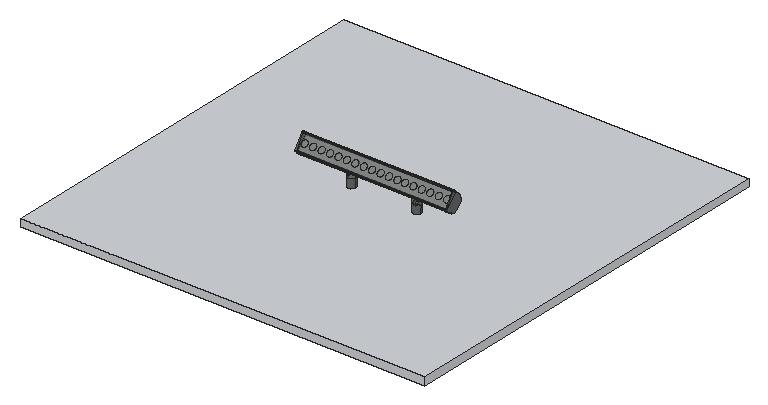
Revit family "INT-3-K", category Lighting Fixtures, host Face, Revit 2014
Parameters (values of type "INT")
  zz Angle = if(Angle Tilt < 0.5°, 0.5°, if(Angle Tilt > 89.5°, 89.5°, Angle Tilt))  # 45°
  Wings = Paint - Hubbell - Light Silver
  Width = 3.875"
  Watts = 15 W
  Wattage Comments = "15W"
  Warranty = "5 years Warranty"  # constant formula
  Voltage = 120 V
  URL = "https://www.hubbell.com/kimlighting/en/"
  Reflector Finish = Hubbell - White Glass
  Product White URL = "https://www.hubbell.com/kimlighting/en/p/6139252"
  Product RGWB URL = "https://www.hubbell.com/kimlighting/en/p/6139254"
  Product Family URL = "https://www.hubbell.com/kimlighting/en/p/6139241"
  Power Factor = 1
  Mounting = Paint - Hubbell - Light Silver
  Model = "INT-3-K"  # constant formula
  Manufacturer = "Kim Lighting"  # constant formula
  Load Classification = Lighting
  Length = 24.000"
  Lamp = "LED"  # constant formula
  Housing Material = Paint - Hubbell - Basic Black Textured
  Glass = Hubbell - Glass
  Fixture distribution = "Direct"  # constant formula
  Height = 4.000"
  Features = "Architectural linear product for wall and ground mounting\r\napplications such as sign lighting, wall washing, wall grazing, and\r\nbuilding accent lighting\r\n• IP66 rated product with linear run capabilities\r\n• Lumen range from 657 to 3,271 lm"  # constant formula
  Description = "Intent"  # constant formula
  Default Elevation = 48.000"
  Copyright = " ©2020 Kim Lighting, a division of Hubbell Lighting, Inc"  # constant formula
  Contact = "https://www.hubbell.com/kimlighting/en/contactUs"
  Connector Description = "Lighting Connector"  # constant formula
  Assembly Code = "D5020200"
  Apparent Load = Watts / Power Factor  # 15 VA
  Angle Tilt = 45°
Reference planes (in)
  plane 1 "Center (Front/Back)": y = 0
  plane 2: z = 0.5561
  plane 3 "Center (Left/Right)": x = 0
  plane 4: z = -5.92028
  plane 5: z = 4.5561
  plane 6: y = 2.5249
  plane 7: y = -2.5249
  plane 8: y = -1.9375
  plane 9: y = 1.9375
  plane 10: z = 16.60335
  plane 11: x = -2.9
  plane 12: x = 2.9
  plane 13: z = 1.3061
  plane 14: z = 3.5561
  plane 15: x = 18
  plane 16: x = -18
  plane 17: x = 8.7
  plane 18: x = -8.7
Forms (in)
  Extrusion 1, solid
    sketch origin (0, 0, 0) x (1, 0, 0) y (0, 1, 0)
      loop
        line (-48, 48) -> (-48, -48) -> (48, -48) -> (48, 48) -> (-48, 48)
    from 0.5561 to -1.25
  Extrusion 2, solid, material "Paint - Hubbell - Basic Black Textured" <- "Housing Material"
    sketch origin (3.45004, -0.03381, -5.69519) x (0, 1, 0) y (0, 0, -1)
      loop
        arc (0.44524, -9.06222) -> (0.47434, -8.87244) -> (0.55897, -8.70011) r 0.63334
        arc (0.55897, -8.70011) -> (0.09086, -7.77213) -> (-0.42804, -8.67269) r 0.59055
        arc (-0.42804, -8.67269) -> (-0.34364, -8.86433) -> (-0.31478, -9.07172) r 0.75958
        line (-0.31478, -9.07172) -> (-0.31478, -9.93202)
        arc (-0.31478, -9.93202) -> (-0.20348, -10.20073) -> (0.06523, -10.31203) r 0.38001
        arc (0.06523, -10.31203) -> (0.33393, -10.20073) -> (0.44524, -9.93202) r 0.38001
        line (0.44524, -9.93202) -> (0.44524, -9.06222)
    from -5.03419 to -4.31431
  Revolve 3, solid, material "Paint - Hubbell - Basic Black Textured" <- "Housing Material"
    sketch origin (19.47362, 0, -1.94519) x (-1, 0, 0) y (0, 0, 1)
      loop
        line (11.70927, 5.09421) -> (11.70927, 2.50286) -> (11.70927, 2.01234) -> (12.16449, 2.01234)
        arc (12.16449, 2.01234) -> (12.19188, 2.03974) -> (12.16449, 2.06713) r 0.0274
        arc (12.16449, 2.06713) -> (12.19188, 2.09453) -> (12.16449, 2.12192) r 0.0274
        arc (12.16449, 2.12192) -> (12.19188, 2.14932) -> (12.16449, 2.17672) r 0.0274
        arc (12.16449, 2.17672) -> (12.19188, 2.20411) -> (12.16449, 2.23151) r 0.0274
        arc (12.16449, 2.23151) -> (12.19188, 2.2589) -> (12.16449, 2.2863) r 0.0274
        arc (12.16449, 2.2863) -> (12.19188, 2.3137) -> (12.16449, 2.34109) r 0.0274
        arc (12.16449, 2.34109) -> (12.19114, 2.37481) -> (12.15218, 2.39296) r 0.0274
        line (12.15218, 2.39296) -> (12.15218, 2.50286) -> (12.68898, 2.50286) -> (12.68898, 4.70051)
        arc (12.68898, 4.70051) -> (12.57366, 4.9789) -> (12.29528, 5.09421) r 0.3937
        line (12.29528, 5.09421) -> (11.70927, 5.09421)
      axis (11.70927, 2.01234) -> (11.70927, 5.09421)
    angle from 0 to 360
  Extrusion 4, void
    sketch origin (19.47362, 0, -1.94519) x (0, 1, 0) y (0, 0, -1)
      loop
        line (1.93491, -5.21791) -> (1.93491, -4.3346) -> (0.57955, -4.3346)
        arc (0.57955, -4.3346) -> (0.05845, -4.02191) -> (-0.46265, -4.3346) r 0.59055
        line (-0.46265, -4.3346) -> (-1.93491, -4.3346) -> (-1.93491, -5.21791) -> (1.93491, -5.21791)
    from 10.37821 to 11.70927
  Extrusion 5, solid, material "Paint - Hubbell - Basic Black Textured" <- "Housing Material"
    sketch origin (-3.45004, -0.03381, -5.69519) x (0, 1, 0) y (0, 0, 1)
      loop
        line (0.44524, 9.06222) -> (0.44524, 9.93202)
        arc (0.44524, 9.93202) -> (0.33393, 10.20073) -> (0.06523, 10.31203) r 0.38001
        arc (0.06523, 10.31203) -> (-0.20348, 10.20073) -> (-0.31478, 9.93202) r 0.38001
        line (-0.31478, 9.93202) -> (-0.31478, 9.07172)
        arc (-0.31478, 9.07172) -> (-0.34364, 8.86433) -> (-0.42804, 8.67269) r 0.75958
        arc (-0.42804, 8.67269) -> (0.09086, 7.77213) -> (0.55897, 8.70011) r 0.59055
        arc (0.55897, 8.70011) -> (0.47434, 8.87244) -> (0.44524, 9.06222) r 0.63334
    from -5.03419 to -4.31431
  Revolve 6, solid, material "Paint - Hubbell - Basic Black Textured" <- "Housing Material"
    sketch origin (-19.47362, 0, -1.94519) x (1, 0, 0) y (0, 0, 1)
      loop
        line (11.70927, 5.09421) -> (11.70927, 2.50286) -> (11.70927, 2.01234) -> (12.16449, 2.01234)
        arc (12.16449, 2.01234) -> (12.19188, 2.03974) -> (12.16449, 2.06713) r 0.0274
        arc (12.16449, 2.06713) -> (12.19188, 2.09453) -> (12.16449, 2.12192) r 0.0274
        arc (12.16449, 2.12192) -> (12.19188, 2.14932) -> (12.16449, 2.17672) r 0.0274
        arc (12.16449, 2.17672) -> (12.19188, 2.20411) -> (12.16449, 2.23151) r 0.0274
        arc (12.16449, 2.23151) -> (12.19188, 2.2589) -> (12.16449, 2.2863) r 0.0274
        arc (12.16449, 2.2863) -> (12.19188, 2.3137) -> (12.16449, 2.34109) r 0.0274
        arc (12.16449, 2.34109) -> (12.19114, 2.37481) -> (12.15218, 2.39296) r 0.0274
        line (12.15218, 2.39296) -> (12.15218, 2.50286) -> (12.68898, 2.50286) -> (12.68898, 4.70051)
        arc (12.68898, 4.70051) -> (12.57366, 4.9789) -> (12.29528, 5.09421) r 0.3937
        line (12.29528, 5.09421) -> (11.70927, 5.09421)
      axis (11.70927, 2.01234) -> (11.70927, 5.09421)
    angle from 0 to 360
  Extrusion 7, void
    sketch origin (-19.47362, 0, -1.94519) x (0, 1, 0) y (0, 0, 1)
      loop
        line (1.93491, 5.21791) -> (-1.93491, 5.21791) -> (-1.93491, 4.3346) -> (-0.46265, 4.3346)
        arc (-0.46265, 4.3346) -> (0.05845, 4.02191) -> (0.57955, 4.3346) r 0.59055
        line (0.57955, 4.3346) -> (1.93491, 4.3346) -> (1.93491, 5.21791)
    from 10.37821 to 11.70927
Cuts and joins
  Extrusion 4, Extrusion 7 cuts Revolve 3
  Extrusion 7 cuts Extrusion 2
  Extrusion 7 cuts Revolve 6
Dimensions and locks (in)
  plane 2 to plane 4 = 6.47638"
  "Height": plane 5 to Extrusion 1
  equal spacing: plane 7, plane 1 "Center (Front/Back)", plane 6
  plane 7 to plane 6 = 5.0498"
  "Width": plane 9 to plane 8
  equal spacing: plane 9, plane 1 "Center (Front/Back)", plane 8
  plane 6 to plane 7 = 5.0498"
  locked: plane 5 to plane 14 at 1
  "zz Angle": angle plane 5 to nested 1
  aligned and locked: plane 2 to Extrusion 1
  aligned and locked: nested 1 to plane 5
Automatic sketch dimensions
  Extrusion 1 sketch curve to Extrusion 1 sketch curve = 96.000"  (x2)
  Extrusion 2 sketch curve to Extrusion 2 sketch curve = 0.000"  (x3)
  Extrusion 2 sketch curve to plane 14 = 0.17957"
  Extrusion 2 sketch curve to plane 8 = 0.82933"
  plane 1 "Center (Front/Back)" to Extrusion 2 sketch curve = 0.34859"
  Extrusion 2 sketch curve to plane 1 "Center (Front/Back)" = 0.03142"
  Extrusion 2 sketch curve to plane 1 "Center (Front/Back)" = 0.04066"
  Extrusion 2 sketch curve to plane 14 = 0.18908"
  Extrusion 2 sketch curve to Extrusion 2 sketch curve = 0.63334"
  plane 5 to Extrusion 2 sketch curve = 0.31927"
  Extrusion 2 sketch curve to Extrusion 2 sketch curve = 0.69976"
  plane 14 to Revolve 3 sketch curve = 0.40709"
  plane 17 to Revolve 3 sketch curve = 0.93565"
  plane 2 to Revolve 3 sketch curve = 0.10833"
  Revolve 3 sketch curve to Revolve 3 sketch curve = 0.44291"
  Revolve 3 sketch curve to level = 0.06715"
  Revolve 3 sketch curve to Revolve 3 sketch curve = 0.0123"
  Revolve 3 sketch curve to Revolve 3 sketch curve = 0.000"  (x12)
  Revolve 3 sketch curve to Revolve 3 sketch curve = 0.586"
  Revolve 3 sketch curve to Revolve 3 sketch curve = 0.3937"
  Revolve 3 sketch curve to Revolve 3 sketch curve = 0.0274"  (x2)
  Revolve 3 sketch curve to Revolve 3 sketch curve = 0.05479"  (x4)
  Revolve 3 sketch curve to Revolve 3 sketch curve = 0.02448"
  Revolve 3 sketch curve to plane 2 = 0.00156"  (x2)
  level to Revolve 3 sketch curve = 0.06438"
  Revolve 3 sketch curve to Revolve 3 sketch curve = 0.42188"
  Extrusion 4 sketch curve to plane 8 = 0.00259"
  plane 1 "Center (Front/Back)" to Extrusion 4 sketch curve = 0.46265"
  Extrusion 4 sketch curve to plane 1 "Center (Front/Back)" = 0.05845"
  Extrusion 4 sketch curve to plane 1 "Center (Front/Back)" = 0.57955"
  plane 9 to Extrusion 4 sketch curve = 0.00259"
  Extrusion 4 sketch curve to plane 14 = 0.28339"
  Extrusion 4 sketch curve to plane 14 = 0.88884"
  Extrusion 4 sketch curve to Extrusion 4 sketch curve = 0.88331"
  Extrusion 5 sketch curve to Extrusion 5 sketch curve = 0.000"  (x3)
  Extrusion 5 sketch curve to plane 14 = 0.17957"
  Extrusion 5 sketch curve to plane 8 = 0.82933"
  plane 1 "Center (Front/Back)" to Extrusion 5 sketch curve = 0.34859"
  Extrusion 5 sketch curve to plane 1 "Center (Front/Back)" = 0.03142"
  Extrusion 5 sketch curve to plane 1 "Center (Front/Back)" = 0.04066"
  Extrusion 5 sketch curve to plane 14 = 0.18908"
  Extrusion 5 sketch curve to Extrusion 5 sketch curve = 0.63334"
  Extrusion 5 sketch curve to Extrusion 5 sketch curve = 0.69976"
  plane 5 to Extrusion 5 sketch curve = 0.31927"
  Revolve 6 sketch curve to plane 14 = 0.40709"
  plane 18 to Revolve 6 sketch curve = 0.93565"
  Revolve 6 sketch curve to plane 2 = 0.10833"
  Revolve 6 sketch curve to Revolve 6 sketch curve = 0.44291"
  level to Revolve 6 sketch curve = 0.06715"
  Revolve 6 sketch curve to Revolve 6 sketch curve = 0.0123"
  Revolve 6 sketch curve to Revolve 6 sketch curve = 0.000"  (x12)
  Revolve 6 sketch curve to Revolve 6 sketch curve = 0.586"
  Revolve 6 sketch curve to Revolve 6 sketch curve = 0.3937"
  Revolve 6 sketch curve to Revolve 6 sketch curve = 0.0274"  (x2)
  Revolve 6 sketch curve to Revolve 6 sketch curve = 0.05479"  (x4)
  Revolve 6 sketch curve to Revolve 6 sketch curve = 0.02448"
  plane 2 to Revolve 6 sketch curve = 0.00156"  (x2)
  Revolve 6 sketch curve to level = 0.06438"
  Revolve 6 sketch curve to Revolve 6 sketch curve = 0.42188"
  Extrusion 7 sketch curve to plane 8 = 0.00259"
  plane 1 "Center (Front/Back)" to Extrusion 7 sketch curve = 0.46265"
  Extrusion 7 sketch curve to plane 1 "Center (Front/Back)" = 0.05845"
  Extrusion 7 sketch curve to plane 1 "Center (Front/Back)" = 0.57955"
  plane 9 to Extrusion 7 sketch curve = 0.00259"
  Extrusion 7 sketch curve to plane 13 = 1.0833"
  Extrusion 7 sketch curve to Extrusion 7 sketch curve = 0.27786"
  Extrusion 7 sketch curve to plane 14 = 0.28339"
Nested families (in)
  nested 1: "Family2" at (1.10236, 0.3203, 4.5561) x (0, -0.7071, 0.7071) z (-1, 0, 0), type "Family2"
Connectors (in)
  electrical at (7.76435, 0, 0.55766), driven by "Voltage", driven by "Apparent Load", driven by "Power Factor", driven by "Connector Description"
    settings: on cut or joined group of Revolve 3, Extrusion 4, Extrusion 7, index 1, voltage 120 V, apparent load 15 VA, apparent load phase1 0 VA, apparent load phase2 0 VA, apparent load phase3 0 VA, power factor 1, load classification "Other", number of poles 1, system type 30, power factor state 1, is connector primary yes, connector utility no, sub classification motor no, connector description "Lighting Connector"
Definition of nested family "Family2"
  Parameters (values of type "Family2")
    Wattage = 25 W
    built-in parameter 1150110 = 1 (stored number, unit not read)
    built-in parameter 1114217 = 1 (stored number, unit not read)
    Tilt Angle = 60°
    built-in parameter 1150109 = 1 (stored number, unit not read)
    built-in parameter 1150134 = 3
    built-in parameter 1150113 = 1 (stored number, unit not read)
    Photometric Web File = "INT-2-24L-30-3K7-WG.ies"
    built-in parameter 1150105 = 295.51 (stored number, unit not read)
    Lumens = 3713.55 lm
    built-in parameter 1150115 = 1 (stored number, unit not read)
    built-in parameter 1150137 = (empty or 0)
    built-in parameter 1150139 = (empty or 0)
    built-in parameter 1150112 = 1 (stored number, unit not read)
    built-in parameter 1150114 = 1 (stored number, unit not read)
    built-in parameter 1150132 = (empty or 0)
    built-in parameter 1150102 = (empty or 0)
    built-in parameter 1150107 = 3200 (stored number, unit not read)
    built-in parameter 1150138 = (empty or 0)
    built-in parameter 1150106 = 2.9551 (stored number, unit not read)
    Housing = Paint - Hubbell - Basic Black Textured
    Glass = Hubbell - Glass
    built-in parameter 1150104 = 13.8 (stored number, unit not read)
    Dimming Lamp Color Temperature Shift = (empty or 0)
    Default Elevation = 48.000"
    Color Filter = 16777215
    built-in parameter 1114218 = 1 (stored number, unit not read)
    built-in parameter 1150133 = 10 (stored number, unit not read)
  Reference planes (in)
    plane 1 "Center (Front/Back)": y = 0
    plane 2: z = 0
    plane 3 "Center (Left/Right)": x = 0
    plane 4: z = 19.1
    plane 5: z = -16.9
  Forms (in)
    Extrusion 1, solid
      sketch origin (0, 0, 0) x (1, 0, 0) y (0, 1, 0)
        loop
          line (-48, 48) -> (-48, -48) -> (48, -48) -> (48, 48) -> (-48, 48)
      from 0 to -12
    Extrusion 2, solid, material "Paint - Hubbell - Basic Black Textured" <- "Housing"
      sketch origin (-11.61927, -0.13326, 1.10236) x (0.008677, -0.999962, 0) y (0.999962, 0.008677, 0)
        loop
          line (-1.9375, 16.60335) -> (-1.9375, 14.58076)
          arc (-1.9375, 14.58076) -> (0.00667, 12.63658) -> (1.95085, 14.58076) r 1.94417
          line (1.95085, 14.58076) -> (1.95085, 14.78758)
          arc (1.95085, 14.78758) -> (1.89614, 14.83995) -> (1.95085, 14.89233) r 0.05243
          line (1.95085, 14.89233) -> (1.95085, 14.94535)
          arc (1.95085, 14.94535) -> (1.89751, 14.99776) -> (1.95085, 15.05018) r 0.05243
          line (1.95085, 15.05018) -> (1.95085, 15.10316)
          arc (1.95085, 15.10316) -> (1.89888, 15.15558) -> (1.95085, 15.208) r 0.05243
          line (1.95085, 15.208) -> (1.95085, 15.65069) -> (1.73341, 15.70895) -> (1.73341, 15.52932) -> (-1.73341, 15.52932) -> (-1.73341, 16.56736) -> (-1.9375, 16.60335)
      from -18.00236 to 17.99764
    Extrusion 3, solid, material "Paint - Hubbell - Basic Black Textured" <- "Housing"
      sketch origin (-11.61927, -0.13326, 1.10236) x (0.008677, -0.999962, 0) y (0.999962, 0.008677, 0)
        loop
          line (-1.9375, 16.60335) -> (-1.9375, 14.58076)
          arc (-1.9375, 14.58076) -> (0.00667, 12.63658) -> (1.95085, 14.58076) r 1.94417
          line (1.95085, 14.58076) -> (1.95085, 14.78758)
          arc (1.95085, 14.78758) -> (1.89614, 14.83955) -> (1.95005, 14.89236) r 0.05243
          line (1.95005, 14.89236) -> (1.95051, 14.94534)
          arc (1.95051, 14.94534) -> (1.89751, 14.99793) -> (1.95085, 15.05018) r 0.05243
          line (1.95085, 15.05018) -> (1.95085, 15.10316)
          arc (1.95085, 15.10316) -> (1.89888, 15.15558) -> (1.95085, 15.208) r 0.05243
          line (1.95085, 15.208) -> (1.95085, 15.65069) -> (-1.9375, 16.60335)
      from 17.73107 to 17.99764
    Extrusion 4, solid, material "Paint - Hubbell - Basic Black Textured" <- "Housing"
      sketch origin (-11.61927, -0.13326, 1.10236) x (-0.999962, -0.008677, 0) y (0.008677, -0.999962, 0)
        loop
          line (-16.60335, -1.9375) -> (-14.58076, -1.9375)
          arc (-14.58076, -1.9375) -> (-12.63658, 0.00667) -> (-14.58076, 1.95085) r 1.94417
          line (-14.58076, 1.95085) -> (-14.78758, 1.95085)
          arc (-14.78758, 1.95085) -> (-14.83995, 1.89614) -> (-14.89233, 1.95085) r 0.05243
          line (-14.89233, 1.95085) -> (-14.94535, 1.95085)
          arc (-14.94535, 1.95085) -> (-14.99776, 1.89751) -> (-15.05018, 1.95085) r 0.05243
          line (-15.05018, 1.95085) -> (-15.10316, 1.95085)
          arc (-15.10316, 1.95085) -> (-15.15558, 1.89888) -> (-15.208, 1.95085) r 0.05243
          line (-15.208, 1.95085) -> (-15.65069, 1.95085) -> (-16.60335, -1.9375)
      from 17.73107 to 17.99764
    Extrusion 5, solid, material "Hubbell - Glass" <- "Glass"
      sketch origin (-11.61927, -0.13326, 1.10236) x (0, 0, 1) y (0.008677, -0.999962, 0)
        loop
          line (17.73107, 1.95085) -> (-17.8125, 1.95085) -> (-17.8125, -1.76075) -> (17.73107, -1.76075) -> (17.73107, 1.95085)
      from 15.55834 to 15.65508
    Extrusion 6, solid, material "Paint - Hubbell - Basic Black Textured" <- "Housing"
      sketch origin (-12.05675, -0.13706, 1.10236) x (0.008677, -0.999962, 0) y (0.999962, 0.008677, 0)
        loop
          line (-1.28244, 13.69502) -> (-1.28244, 13.00042)
          arc (-1.28244, 13.00042) -> (-0.03244, 12.05749) -> (1.21756, 13.00042) r 1.3
          line (1.21756, 13.00042) -> (1.21756, 13.69502) -> (-1.28244, 13.69502)
      from -10.03944 to 9.89764
    Extrusion 7, solid, material "Hubbell - Glass" <- "Glass"
      sketch origin (-11.61927, -0.13326, 1.10236) x (0, 0, 1) y (0.008677, -0.999962, 0)
        loop
          circle (-5.20689, 0) r 0.75
        loop
          circle (-3.20689, 0) r 0.75
        loop
          circle (-1.20689, 0) r 0.75
        loop
          circle (0.79311, 0) r 0.75
        loop
          circle (2.79311, 0) r 0.75
        loop
          circle (4.79311, 0) r 0.75
        loop
          circle (6.79311, 0) r 0.75
        loop
          circle (8.79311, 0) r 0.75
        loop
          circle (10.79311, 0) r 0.75
        loop
          circle (12.79311, 0) r 0.75
        loop
          circle (14.79311, 0) r 0.75
        loop
          circle (16.79311, 0) r 0.75
        loop
          circle (-6.99784, 0) r 0.75
        loop
          circle (-8.99784, 0) r 0.75
        loop
          circle (-10.99784, 0) r 0.75
        loop
          circle (-12.99784, 0) r 0.75
        loop
          circle (-14.99784, 0) r 0.75
        loop
          circle (-16.99784, 0) r 0.75
      from 15.55834 to 15.65508
    Extrusion 8, solid, material "Paint - Hubbell - Basic Black Textured" <- "Housing"
      sketch origin (-11.61927, -0.13326, -22.71014) x (0.008677, -0.999962, 0) y (0.999962, 0.008677, 0)
        loop
          line (-1.9375, 16.60335) -> (-1.9375, 14.58076)
          arc (-1.9375, 14.58076) -> (0.00667, 12.63658) -> (1.95085, 14.58076) r 1.94417
          line (1.95085, 14.58076) -> (1.95085, 14.78758)
          arc (1.95085, 14.78758) -> (1.89614, 14.83995) -> (1.95085, 14.89233) r 0.05243
          line (1.95085, 14.89233) -> (1.95085, 14.94535)
          arc (1.95085, 14.94535) -> (1.89751, 14.99776) -> (1.95085, 15.05018) r 0.05243
          line (1.95085, 15.05018) -> (1.95085, 15.10316)
          arc (1.95085, 15.10316) -> (1.89888, 15.15558) -> (1.95085, 15.208) r 0.05243
          line (1.95085, 15.208) -> (1.95085, 15.65069) -> (-1.9375, 16.60335)
      from 5.81014 to 6
    Extrusion 9, void
      sketch origin (0, 0.3125, 0) x (0, 1, 0) y (0, 0, 1)
        loop
          circle (-1.38482, 1.10236) r 0.125
        loop
          circle (-1.38482, 8.10236) r 0.125
        loop
          circle (-1.38482, -5.89764) r 0.125
        loop
          circle (0.80743, 1.10236) r 0.125
        loop
          circle (0.80743, 8.10236) r 0.125
        loop
          circle (0.80743, -5.89764) r 0.125
      from -0.15201 to 1.38325
  Cuts and joins
    Extrusion 9 cuts Extrusion 2
    Extrusion 9 cuts Extrusion 5
    Extrusion 9 cuts Extrusion 6
  Lines and regions (in)
    reference lines
      curve 1: line (0, 0, 1.10236) -> (6.25, 0, 1.10236)
      curve 2: line (0, 0, 102.71882) -> (0, 0, -24)
  Dimensions and locks (in)
    curve 2 to cut or joined group of Extrusion 6, Extrusion 9 = 1.38325"
    plane 4 to plane 2 to plane 5 = 19.100", 16.900"
    aligned and locked: plane 2 to Extrusion 1
    aligned and locked: level to Extrusion 1
    aligned and locked: Extrusion 3 to Extrusion 2
